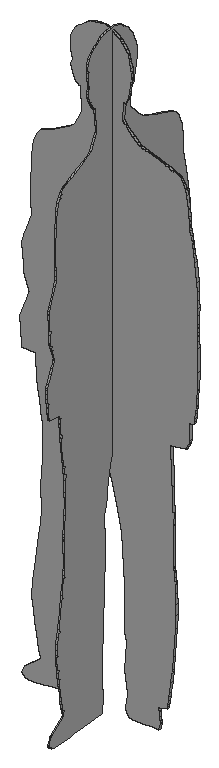
Revit family
Parameters (values of type "man01")
  built-in parameter 1005198 = (empty or 0)
  built-in parameter 1005195 = "d:\\byoh\\M25_HOL1_Santa.rpc"
  Assembly Code = ""
Reference planes
  plane 1 "Center (Front/Back)": y = 0
  plane 2: z = 0
  plane 3 "Center (Left/Right)": x = 0
  plane 4: z = 1750
Forms (mm)
  Extrusion 1, solid, material "Sombra escala"
    sketch origin (0, 0, 0) x (1, 0, 0) y (0, 0, 1)
      loop
        line (-233.566, 1264.345) -> (-232.451, 1246.504) -> (-231.336, 1233.123) -> (-231.336, 1220.858) -> (-234.681, 1207.477) -> (-244.716, 1182.946) -> (-254.752, 1159.53) -> (-256.982, 1149.494) -> (-258.097, 1140.574) -> (-255.867, 1111.582) -> (-254.752, 1087.051) -> (-254.752, 1063.635) -> (-236.911, 1015.688) -> (-238.026, 1013.458) -> (-241.371, 1005.652) -> (-245.832, 995.617) -> (-250.292, 983.351) -> (-260.327, 959.935) -> (-263.672, 951.015) -> (-264.787, 946.555) -> (-264.787, 936.519) -> (-263.672, 924.254) -> (-261.442, 897.492) -> (-260.327, 885.227) -> (-259.212, 874.076) -> (-258.097, 867.386) -> (-258.097, 865.156) -> (-219.07, 861.811) -> (-219.07, 858.465) -> (-217.955, 850.66) -> (-217.955, 837.279) -> (-215.725, 819.438) -> (-214.61, 798.252) -> (-211.265, 772.606) -> (-207.92, 745.845) -> (-203.46, 715.739) -> (-198.999, 683.402) -> (-197.884, 649.95) -> (-196.769, 618.729) -> (-197.884, 588.622) -> (-200.114, 562.976) -> (-201.229, 541.79) -> (-202.344, 533.985) -> (-202.344, 528.41) -> (-203.46, 525.064) -> (-203.46, 523.949) -> (-200.114, 454.816) -> (-200.114, 452.586) -> (-201.229, 445.896) -> (-203.46, 434.745) -> (-204.575, 420.249) -> (-207.92, 403.524) -> (-210.15, 384.568) -> (-215.725, 343.311) -> (-221.3, 300.939) -> (-224.646, 280.868) -> (-226.876, 263.027) -> (-227.991, 247.416) -> (-229.106, 235.15) -> (-230.221, 226.23) -> (-230.221, 220.655) -> (-224.646, 186.088) -> (-220.185, 154.867) -> (-215.725, 128.105) -> (-212.38, 105.804) -> (-209.035, 87.963) -> (-206.805, 75.698) -> (-204.575, 66.777) -> (-204.575, 64.547) -> (-248.062, 29.981) -> (-249.177, 28.866) -> (-251.407, 25.52) -> (-255.867, 16.6) -> (-258.097, 12.14) -> (-256.982, 6.565) -> (-254.752, 3.219) -> (-248.062, -0.126) -> (-238.026, -2.356) -> (-224.646, -2.356) -> (-194.539, -0.126) -> (-180.043, 0.989) -> (-168.893, 3.219) -> (-161.087, 4.334) -> (-157.742, 4.334) -> (-107.363, 6.694) -> (-67.366, 10.933) -> (-65.75, 19.24) -> (-64.078, 43.361) -> (-62.963, 51.167) -> (-62.963, 61.202) -> (-65.193, 89.078) -> (-66.308, 99.114) -> (-67.423, 102.459) -> (-67.423, 103.574) -> (-67.423, 112.495) -> (-66.308, 121.415) -> (-66.308, 134.796) -> (-65.193, 151.521) -> (-65.193, 169.362) -> (-62.963, 212.849) -> (-61.848, 260.797) -> (-59.618, 309.859) -> (-58.503, 357.806) -> (-56.272, 400.178) -> (-55.157, 425.825) -> (-55.157, 470.427) -> (-56.272, 488.268) -> (-57.388, 502.763) -> (-58.503, 512.799) -> (-59.618, 519.489) -> (-59.618, 521.719) -> (-59.618, 522.834) -> (-57.388, 526.179) -> (-54.042, 537.33) -> (-50.697, 551.826) -> (-48.467, 567.436) -> (-47.352, 588.622) -> (-45.122, 609.808) -> (-40.662, 629.879) -> (-36.201, 648.835) -> (-31.741, 664.446) -> (-27.281, 677.827) -> (-25.051, 685.632) -> (-23.936, 688.977) -> (-23.936, 687.862) -> (-21.706, 684.517) -> (-20.591, 680.057) -> (-17.246, 673.366) -> (-13.9, 664.446) -> (-10.555, 654.411) -> (-1.635, 628.764) -> (7.286, 597.543) -> (16.206, 562.976) -> (25.126, 522.834) -> (32.932, 480.462) -> (37.392, 435.86) -> (40.737, 390.143) -> (42.967, 346.656) -> (44.082, 306.514) -> (44.082, 245.186) -> (42.967, 235.15) -> (42.967, 220.655) -> (48.543, 197.239) -> (44.082, 121.415) -> (51.888, 63.432) -> (51.888, 61.202) -> (50.773, 56.742) -> (48.543, 42.246) -> (46.312, 25.52) -> (46.312, 18.83) -> (47.428, 13.255) -> (53.003, 2.104) -> (65.354, -0.572) -> (80.504, -0.572) -> (95.049, -1.178) -> (104.14, -1.178) -> (117.471, 1.244) -> (130.198, 0.033) -> (143.53, 0.639) -> (147.773, 17.594) -> (145.552, 34.441) -> (144.437, 46.706) -> (143.322, 54.512) -> (142.207, 57.857) -> (167.853, 63.432) -> (167.853, 64.547) -> (168.968, 69.008) -> (170.083, 75.698) -> (171.198, 84.618) -> (172.313, 95.769) -> (174.544, 108.034) -> (179.004, 137.026) -> (182.349, 171.592) -> (186.809, 208.389) -> (192.384, 281.983) -> (193.5, 316.549) -> (193.5, 346.656) -> (192.384, 373.417) -> (191.269, 396.833) -> (189.039, 414.674) -> (187.924, 429.17) -> (185.694, 436.975) -> (185.694, 440.32) -> (185.622, 549.863) -> (178.311, 758.111) -> (222.491, 764.801) -> (222.491, 765.916) -> (224.721, 768.146) -> (228.066, 774.836) -> (232.526, 783.757) -> (234.756, 792.677) -> (234.756, 835.049) -> (248.137, 841.74) -> (248.137, 845.085) -> (249.252, 854.005) -> (250.367, 868.501) -> (252.597, 886.342) -> (253.712, 907.528) -> (255.943, 930.944) -> (258.173, 978.891) -> (258.173, 1042.449) -> (257.058, 1059.175) -> (257.058, 1072.556) -> (255.943, 1083.706) -> (255.943, 1092.627) -> (255.943, 1094.857) -> (257.058, 1102.662) -> (257.058, 1128.308) -> (258.173, 1147.264) -> (257.058, 1167.335) -> (255.943, 1189.636) -> (254.827, 1214.167) -> (249.252, 1264.345) -> (244.792, 1287.761) -> (241.447, 1308.947) -> (238.102, 1327.903) -> (234.756, 1342.399) -> (233.641, 1351.319) -> (232.526, 1353.549) -> (232.526, 1354.664) -> (232.526, 1366.93) -> (231.411, 1380.31) -> (230.296, 1397.036) -> (225.836, 1431.603) -> (221.376, 1447.214) -> (215.801, 1460.594) -> (206.88, 1471.745) -> (196.845, 1477.32) -> (187.924, 1480.665) -> (185.694, 1481.78) -> (184.579, 1481.78) -> (183.464, 1481.78) -> (181.234, 1482.895) -> (172.313, 1486.24) -> (158.933, 1490.701) -> (142.207, 1496.276) -> (109.871, 1506.311) -> (96.49, 1510.772) -> (86.454, 1514.117) -> (67.498, 1531.958) -> (51.888, 1547.568) -> (45.197, 1554.259) -> (40.737, 1558.719) -> (37.392, 1562.064) -> (36.277, 1563.179) -> (40.737, 1611.126) -> (45.197, 1611.126) -> (48.543, 1616.702) -> (50.773, 1621.162) -> (53.003, 1628.967) -> (56.348, 1645.693) -> (59.693, 1663.534) -> (61.923, 1682.49) -> (61.923, 1694.755) -> (60.808, 1708.136) -> (57.463, 1723.747) -> (53.003, 1738.243) -> (46.312, 1751.623) -> (37.392, 1763.889) -> (28.472, 1773.924) -> (17.321, 1782.845) -> (7.286, 1789.535) -> (-2.75, 1793.995) -> (-17.246, 1797.34) -> (-30.626, 1796.225) -> (-44.007, 1793.995) -> (-56.272, 1791.765) -> (-66.308, 1787.305) -> (-74.113, 1781.73) -> (-79.689, 1776.154) -> (-80.804, 1773.924) -> (-81.919, 1773.924) -> (-84.149, 1772.809) -> (-91.954, 1768.349) -> (-101.99, 1760.544) -> (-109.795, 1748.278) -> (-114.255, 1736.012) -> (-116.485, 1724.862) -> (-115.37, 1713.711) -> (-114.255, 1701.446) -> (-112.025, 1682.49) -> (-109.795, 1675.8) -> (-109.795, 1673.569) -> (-110.91, 1671.339) -> (-113.14, 1666.879) -> (-114.255, 1659.074) -> (-113.14, 1650.153) -> (-109.795, 1640.118) -> (-107.565, 1632.312) -> (-100.875, 1618.932) -> (-96.414, 1614.472) -> (-91.954, 1611.126) -> (-87.494, 1611.126) -> (-83.034, 1547.568) -> (-83.034, 1546.453) -> (-84.149, 1544.223) -> (-88.609, 1534.188) -> (-95.299, 1520.807) -> (-104.22, 1504.081) -> (-116.485, 1495.161) -> (-130.981, 1487.355) -> (-161.087, 1471.745) -> (-175.583, 1465.054) -> (-186.734, 1460.594) -> (-193.424, 1457.249) -> (-196.769, 1456.134) -> (-200.114, 1456.134) -> (-203.46, 1453.904) -> (-207.92, 1450.559) -> (-213.495, 1443.868) -> (-217.955, 1433.833) -> (-223.53, 1420.452) -> (-226.876, 1401.496) -> (-230.221, 1380.31) -> (-231.336, 1356.894) -> (-233.566, 1307.832) -> (-233.566, 1264.345)
    from 0 to 5
  Extrusion 2, solid, material "Sombra escala"
    sketch origin (0, 0, 0) x (0, 1, 0) y (0, 0, 1)
      loop
        line (-209.63, 1306.654) -> (-209.63, 1263.167) -> (-208.515, 1245.326) -> (-207.4, 1231.945) -> (-207.4, 1219.68) -> (-210.745, 1206.299) -> (-220.781, 1181.768) -> (-230.816, 1158.352) -> (-233.046, 1148.316) -> (-234.161, 1139.396) -> (-231.931, 1110.405) -> (-230.816, 1085.873) -> (-230.816, 1062.457) -> (-212.975, 1014.51) -> (-214.09, 1012.28) -> (-217.435, 1004.474) -> (-221.896, 994.439) -> (-226.356, 982.173) -> (-236.391, 958.757) -> (-239.736, 949.837) -> (-240.852, 945.377) -> (-240.852, 935.341) -> (-239.736, 923.076) -> (-237.506, 896.314) -> (-236.391, 884.049) -> (-235.276, 872.898) -> (-234.161, 866.208) -> (-234.161, 863.978) -> (-195.134, 860.633) -> (-195.134, 857.287) -> (-194.019, 849.482) -> (-194.019, 836.101) -> (-191.789, 818.261) -> (-190.674, 797.075) -> (-187.329, 771.428) -> (-183.984, 744.667) -> (-179.524, 714.561) -> (-175.063, 682.224) -> (-173.948, 648.772) -> (-172.833, 617.551) -> (-173.948, 587.444) -> (-176.178, 561.798) -> (-177.293, 540.612) -> (-178.409, 532.807) -> (-178.409, 527.232) -> (-179.524, 523.886) -> (-179.524, 522.771) -> (-176.178, 453.638) -> (-176.178, 451.408) -> (-177.293, 444.718) -> (-179.524, 433.567) -> (-180.639, 419.071) -> (-183.984, 402.346) -> (-186.214, 383.39) -> (-191.789, 342.133) -> (-197.364, 299.761) -> (-200.71, 279.69) -> (-202.94, 261.849) -> (-204.055, 246.238) -> (-205.17, 233.973) -> (-206.285, 225.052) -> (-206.285, 219.477) -> (-200.71, 184.91) -> (-196.249, 153.689) -> (-191.789, 126.927) -> (-188.444, 104.626) -> (-185.099, 86.785) -> (-182.869, 74.52) -> (-180.639, 65.599) -> (-180.639, 63.369) -> (-224.126, 28.803) -> (-225.241, 27.688) -> (-227.471, 24.343) -> (-231.931, 15.422) -> (-234.161, 10.962) -> (-233.046, 5.387) -> (-230.816, 2.041) -> (-224.126, -1.304) -> (-214.09, -3.534) -> (-200.71, -3.534) -> (-170.603, -1.304) -> (-156.107, -0.189) -> (-144.957, 2.041) -> (-137.152, 3.156) -> (-133.806, 3.156) -> (-83.427, 5.516) -> (-43.43, 9.755) -> (-41.815, 18.062) -> (-40.142, 42.183) -> (-39.027, 49.989) -> (-39.027, 60.024) -> (-41.257, 87.901) -> (-42.372, 97.936) -> (-43.487, 101.281) -> (-43.487, 102.396) -> (-43.487, 111.317) -> (-42.372, 120.237) -> (-42.372, 133.618) -> (-41.257, 150.344) -> (-41.257, 168.184) -> (-39.027, 211.671) -> (-37.912, 259.619) -> (-35.682, 308.681) -> (-34.567, 356.628) -> (-32.337, 399) -> (-31.221, 424.647) -> (-31.221, 469.249) -> (-32.337, 487.09) -> (-33.452, 501.585) -> (-34.567, 511.621) -> (-35.682, 518.311) -> (-35.682, 520.541) -> (-35.682, 521.656) -> (-33.452, 525.001) -> (-30.106, 536.152) -> (-26.761, 550.648) -> (-24.531, 566.258) -> (-23.416, 587.444) -> (-21.186, 608.631) -> (-16.726, 628.701) -> (-12.266, 647.657) -> (-7.805, 663.268) -> (-3.345, 676.649) -> (-1.115, 684.454) -> (0, 687.799) -> (0, 686.684) -> (2.23, 683.339) -> (3.345, 678.879) -> (6.69, 672.189) -> (10.035, 663.268) -> (13.381, 653.233) -> (22.301, 627.586) -> (31.221, 596.365) -> (40.142, 561.798) -> (49.062, 521.656) -> (56.868, 479.284) -> (61.328, 434.682) -> (64.673, 388.965) -> (66.903, 345.478) -> (68.018, 305.336) -> (68.018, 244.008) -> (66.903, 233.973) -> (66.903, 219.477) -> (72.478, 196.061) -> (68.018, 120.237) -> (75.824, 62.254) -> (75.824, 60.024) -> (74.709, 55.564) -> (72.478, 41.068) -> (70.248, 24.343) -> (70.248, 17.652) -> (71.363, 12.077) -> (76.939, 0.926) -> (89.29, -1.75) -> (104.44, -1.75) -> (118.985, -2.356) -> (128.075, -2.356) -> (141.407, 0.066) -> (154.134, -1.145) -> (167.466, -0.539) -> (171.709, 16.416) -> (169.488, 33.263) -> (168.373, 45.529) -> (167.258, 53.334) -> (166.143, 56.679) -> (191.789, 62.254) -> (191.789, 63.369) -> (192.904, 67.83) -> (194.019, 74.52) -> (195.134, 83.44) -> (196.249, 94.591) -> (198.48, 106.856) -> (202.94, 135.848) -> (206.285, 170.415) -> (210.745, 207.211) -> (216.32, 280.805) -> (217.435, 315.371) -> (217.435, 345.478) -> (216.32, 372.239) -> (215.205, 395.655) -> (212.975, 413.496) -> (211.86, 427.992) -> (209.63, 435.797) -> (209.63, 439.142) -> (209.558, 548.685) -> (202.247, 756.933) -> (246.427, 763.623) -> (246.427, 764.738) -> (248.657, 766.968) -> (252.002, 773.658) -> (256.462, 782.579) -> (258.692, 791.499) -> (258.692, 833.871) -> (272.073, 840.562) -> (272.073, 843.907) -> (273.188, 852.827) -> (274.303, 867.323) -> (276.533, 885.164) -> (277.648, 906.35) -> (279.878, 929.766) -> (282.109, 977.713) -> (282.109, 1041.271) -> (280.993, 1057.997) -> (280.993, 1071.378) -> (279.878, 1082.528) -> (279.878, 1091.449) -> (279.878, 1093.679) -> (280.993, 1101.484) -> (280.993, 1127.13) -> (282.109, 1146.086) -> (280.993, 1166.157) -> (279.878, 1188.458) -> (278.763, 1212.989) -> (273.188, 1263.167) -> (268.728, 1286.583) -> (265.383, 1307.769) -> (262.038, 1326.725) -> (258.692, 1341.221) -> (257.577, 1350.141) -> (256.462, 1352.371) -> (256.462, 1353.486) -> (256.462, 1365.752) -> (255.347, 1379.132) -> (254.232, 1395.858) -> (249.772, 1430.425) -> (245.312, 1446.036) -> (239.736, 1459.416) -> (230.816, 1470.567) -> (220.781, 1476.142) -> (211.86, 1479.487) -> (209.63, 1480.602) -> (208.515, 1480.602) -> (207.4, 1480.602) -> (205.17, 1481.717) -> (196.249, 1485.062) -> (182.869, 1489.523) -> (166.143, 1495.098) -> (133.806, 1505.133) -> (120.426, 1509.594) -> (110.39, 1512.939) -> (91.434, 1530.78) -> (75.824, 1546.39) -> (69.133, 1553.081) -> (64.673, 1557.541) -> (61.328, 1560.886) -> (60.213, 1562.001) -> (64.673, 1609.948) -> (69.133, 1609.948) -> (72.478, 1615.524) -> (74.709, 1619.984) -> (76.939, 1627.789) -> (80.284, 1644.515) -> (83.629, 1662.356) -> (85.859, 1681.312) -> (85.859, 1693.577) -> (84.744, 1706.958) -> (81.399, 1722.569) -> (76.939, 1737.065) -> (70.248, 1750.445) -> (61.328, 1762.711) -> (52.408, 1772.746) -> (41.257, 1781.667) -> (31.221, 1788.357) -> (21.186, 1792.817) -> (6.69, 1796.162) -> (-6.69, 1795.047) -> (-20.071, 1792.817) -> (-32.337, 1790.587) -> (-42.372, 1786.127) -> (-50.177, 1780.552) -> (-55.753, 1774.976) -> (-56.868, 1772.746) -> (-57.983, 1772.746) -> (-60.213, 1771.631) -> (-68.018, 1767.171) -> (-78.054, 1759.366) -> (-85.859, 1747.1) -> (-90.319, 1734.834) -> (-92.549, 1723.684) -> (-91.434, 1712.533) -> (-90.319, 1700.268) -> (-88.089, 1681.312) -> (-85.859, 1674.622) -> (-85.859, 1672.391) -> (-86.974, 1670.161) -> (-89.204, 1665.701) -> (-90.319, 1657.896) -> (-89.204, 1648.975) -> (-85.859, 1638.94) -> (-83.629, 1631.134) -> (-76.939, 1617.754) -> (-72.478, 1613.294) -> (-68.018, 1609.948) -> (-63.558, 1609.948) -> (-59.098, 1546.39) -> (-59.098, 1545.275) -> (-60.213, 1543.045) -> (-64.673, 1533.01) -> (-71.363, 1519.629) -> (-80.284, 1502.903) -> (-92.549, 1493.983) -> (-107.045, 1486.178) -> (-137.152, 1470.567) -> (-151.647, 1463.876) -> (-162.798, 1459.416) -> (-169.488, 1456.071) -> (-172.833, 1454.956) -> (-176.178, 1454.956) -> (-179.524, 1452.726) -> (-183.984, 1449.381) -> (-189.559, 1442.69) -> (-194.019, 1432.655) -> (-199.595, 1419.274) -> (-202.94, 1400.318) -> (-206.285, 1379.132) -> (-207.4, 1355.716) -> (-209.63, 1306.654)
    from 0 to 5
